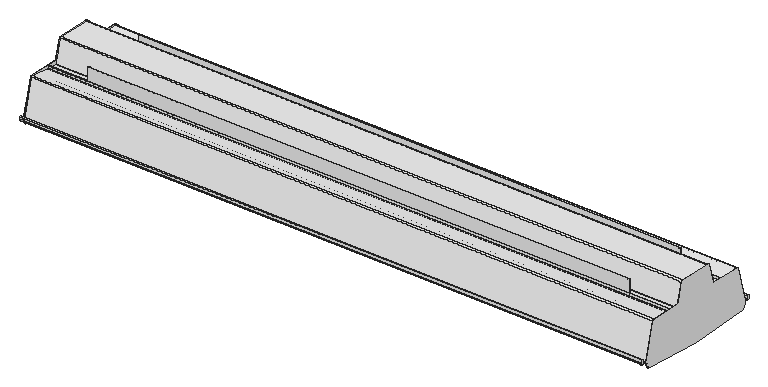
Revit family "LHBD-P77", category Lighting Fixtures, host Ceiling, Revit 2019
Family settings
  Host = Ceiling
  Round Connector Dimension = Use Diameter
  Part Type = Normal
  OmniClass Number = 23.80.70.11.14.11
  OmniClass Title = Downlights
  Always vertical = Yes
  Cut with Voids When Loaded = No
  Light Source = Yes
  Shared = No
  Room Calculation Point = No
Parameters (values of type "LHBD48-LED840K080LUNV-P77")
  Width = 0' - 9 13/16"
  Wattage = 52 W
  built-in parameter 1150110 = 1 (stored number, unit not read)
  Voltage = 120 V  # constant formula
  URL = "https://www.viscor.com/en/products/lhbd"
  built-in parameter 1114217 = 0.9 (stored number, unit not read)
  Tilt Angle = 90.00°
  built-in parameter 1150109 = 1 (stored number, unit not read)
  built-in parameter 1150134 = 12
  built-in parameter 1150113 = 1 (stored number, unit not read)
  Photometric Web File = "LHBD48 -LED840K080LUNV-P77-G001969.IES"
  Model = "LHBD"  # constant formula
  Manufacturer = "VISIONEERING by VISCOR"  # constant formula
  Lumens = 7072 lm
  built-in parameter 1150115 = 1 (stored number, unit not read)
  built-in parameter 1150105 = 562.77 (stored number, unit not read)
  Louver Finish = Metal - Viscor - White Gloss F06
  built-in parameter 1150137 = (empty or 0)
  built-in parameter 1150139 = (empty or 0)
  Lens Finish = Acrylic - Viscor - Frosted, Impact Round Extruded
  Length = 3' - 10 1/16"
  Lamp Wattage = 52 VA
  built-in parameter 1150112 = 1 (stored number, unit not read)
  built-in parameter 1150114 = 1 (stored number, unit not read)
  Lamp = "LED"  # constant formula
  built-in parameter 1150132 = (empty or 0)
  built-in parameter 1150102 = (empty or 0)
  built-in parameter 1150138 = (empty or 0)
  built-in parameter 1150107 = 4000 (stored number, unit not read)
  built-in parameter 1150106 = 5.6277 (stored number, unit not read)
  Housing Finish = Metal - Viscor - White
  Height = 0' - 4 11/16"
  Emit from Rectangle Width = Width  # 0' - 9 13/16"
  Emit from Rectangle Length = Length  # 3' - 10 1/16"
  Emit Shape Visible in Rendering = no
  built-in parameter 1150104 = 12.635 (stored number, unit not read)
  Dimming Lamp Color Temperature Shift = <None>
  Description = "LED Pendant Mount High Bay D"  # constant formula
  Color Filter = 16777215
  built-in parameter 1114218 = 1 (stored number, unit not read)
  built-in parameter 1150133 = 10 (stored number, unit not read)
  Assembly Code = "D5020200"
  Apparent Load = Lamp Wattage  # 52 VA
Types (5): name | Wattage | Photometric Web File | Lumens | built-in parameter 1150105 | Length | Lamp Wattage | built-in parameter 1150106 | Emit from Rectangle Length | built-in parameter 1150104 | Apparent Load
  (no name) | 52 W | "LHBD48 -LED840K080LUNV-P77-G001969.IES" | 7072 lm | 562.77 (stored number, unit not read) | 3' - 10 1/16" | 52 VA | 5.6277 (stored number, unit not read) | 3' - 10 1/16" | 12.635 (stored number, unit not read) | 52 VA
  LHBD48-LED840K080LUNV-P77 | 52 W | "LHBD48 -LED840K080LUNV-P77-G001969.IES" | 7072 lm | 562.77 (stored number, unit not read) | 3' - 10 1/16" | 52 VA | 5.6277 (stored number, unit not read) | 3' - 10 1/16" | 12.635 (stored number, unit not read) | 52 VA
  LHBD48-LED840K120LUNV-P77 | 87 W | "LHBD48-LED840K120LUNV-P77-G001978.IES" | 10962 lm | 872.33 (stored number, unit not read) | 3' - 10 1/16" | 87 VA | 8.7233 (stored number, unit not read) | 3' - 10 1/16" | 11.706 (stored number, unit not read) | 87 VA
  LHBD96-LED840K160LUNV-P77 | 104 W | "LHBD96-LED840K160LUNV-P77.ies" | 14144 lm | 1125.5 (stored number, unit not read) | 7' - 8 1/16" | 104 VA | 11.255 (stored number, unit not read) | 7' - 8 1/16" | 12.635 (stored number, unit not read) | 104 VA
  LHBD96-LED840K240LUNV-P77 | 173 W | "LHBD96-LED840K240LUNV-P77.ies" | 21798 lm | 1734.6 (stored number, unit not read) | 7' - 8 1/16" | 173 VA | 17.346 (stored number, unit not read) | 7' - 8 1/16" | 11.706 (stored number, unit not read) | 173 VA
Reference planes (in)
  plane 1 "Light Source Axis (F/B)": y = 0
  plane 2 "Ceiling": z = 240
  plane 3 "Light Source Axis (L/R)": x = 0
  plane 4 "Light Source Elevation": z = 235.375
  plane 5: x = -23.03125
  plane 6: x = 23.03125
  plane 7: y = 4.90625
  plane 8: y = -4.90625
  plane 9: x = -23.00125
  plane 10: x = 23.00125
  plane 11: x = -20.03125
  plane 12: x = 20.03125
  plane 13: x = -22.48325
  plane 14: x = 22.48325
Forms (in)
  Extrusion 1, solid, material "Metal - Viscor - White" <- "Housing Finish"
    sketch origin (0, 0, 0) x (0, 1, 0) y (0, 0, 1)
      loop
        arc (-4.906, 236.068) -> (-4.88491, 236.01709) -> (-4.834, 235.996) r 0.072
        line (-4.834, 235.996) -> (-4.58671, 235.996)
        arc (-4.58671, 235.996) -> (-4.54265, 236.01106) -> (-4.51702, 236.04993) r 0.072
        line (-4.51702, 236.04993) -> (-3.88336, 238.49342)
        arc (-3.88336, 238.49342) -> (-3.86796, 238.51559) -> (-3.84185, 238.52244) r 0.039
        line (-3.84185, 238.52244) -> (-1.70161, 238.31493)
        arc (-1.70161, 238.31493) -> (-1.6534, 238.32759) -> (-1.62496, 238.36852) r 0.072
        line (-1.62496, 238.36852) -> (-1.22657, 239.90479)
        arc (-1.22657, 239.90479) -> (-1.21269, 239.92584) -> (-1.18882, 239.934) r 0.039
        line (-1.18882, 239.934) -> (1.18882, 239.934)
        arc (1.18882, 239.934) -> (1.21269, 239.92584) -> (1.22657, 239.90479) r 0.039
        line (1.22657, 239.90479) -> (1.62496, 238.36852)
        arc (1.62496, 238.36852) -> (1.6534, 238.32759) -> (1.70161, 238.31493) r 0.072
        line (1.70161, 238.31493) -> (3.84185, 238.52244)
        arc (3.84185, 238.52244) -> (3.86796, 238.51559) -> (3.88336, 238.49342) r 0.039
        line (3.88336, 238.49342) -> (4.51702, 236.04993)
        arc (4.51702, 236.04993) -> (4.54265, 236.01106) -> (4.58671, 235.996) r 0.072
        line (4.58671, 235.996) -> (4.834, 235.996)
        arc (4.834, 235.996) -> (4.88491, 236.01709) -> (4.906, 236.068) r 0.072
        line (4.906, 236.068) -> (4.906, 236.298) -> (4.87475, 236.298) -> (4.87475, 236.068)
        arc (4.87475, 236.068) -> (4.86281, 236.03919) -> (4.834, 236.02725) r 0.04075
        line (4.834, 236.02725) -> (4.58671, 236.02725)
        arc (4.58671, 236.02725) -> (4.56177, 236.03577) -> (4.54727, 236.05777) r 0.04075
        line (4.54727, 236.05777) -> (3.91361, 238.50126)
        arc (3.91361, 238.50126) -> (3.88587, 238.5412) -> (3.83883, 238.55355) r 0.07025
        line (3.83883, 238.55355) -> (1.69859, 238.34604)
        arc (1.69859, 238.34604) -> (1.67131, 238.3532) -> (1.65521, 238.37637) r 0.04075
        line (1.65521, 238.37637) -> (1.25682, 239.91263)
        arc (1.25682, 239.91263) -> (1.23181, 239.95056) -> (1.18882, 239.96525) r 0.07025
        line (1.18882, 239.96525) -> (-1.18882, 239.96525)
        arc (-1.18882, 239.96525) -> (-1.23181, 239.95056) -> (-1.25682, 239.91263) r 0.07025
        line (-1.25682, 239.91263) -> (-1.65521, 238.37637)
        arc (-1.65521, 238.37637) -> (-1.67131, 238.3532) -> (-1.69859, 238.34604) r 0.04075
        line (-1.69859, 238.34604) -> (-3.83883, 238.55355)
        arc (-3.83883, 238.55355) -> (-3.88587, 238.5412) -> (-3.91361, 238.50126) r 0.07025
        line (-3.91361, 238.50126) -> (-4.54727, 236.05777)
        arc (-4.54727, 236.05777) -> (-4.56177, 236.03577) -> (-4.58671, 236.02725) r 0.04075
        line (-4.58671, 236.02725) -> (-4.834, 236.02725)
        arc (-4.834, 236.02725) -> (-4.86281, 236.03919) -> (-4.87475, 236.068) r 0.04075
        line (-4.87475, 236.068) -> (-4.87475, 236.298) -> (-4.906, 236.298) -> (-4.906, 236.068)
    from -23.00125 to 23.00125
  Extrusion 2, solid, material "Metal - Viscor - White" <- "Housing Finish"
    sketch origin (0, 0, 0) x (0, 1, 0) y (0, 0, 1)
      loop
        line (4.52143, 236.17574) -> (3.9025, 238.569) -> (1.608, 238.569) -> (1.57671, 238.69002) -> (1.2465, 239.967) -> (-1.2465, 239.967) -> (-1.57671, 238.69002) -> (-1.608, 238.569) -> (-3.9025, 238.569) -> (-3.93276, 238.45198) -> (-4.52143, 236.17574) -> (-4.5685, 235.99372)
        arc (-4.5685, 235.99372) -> (-4.51625, 235.77119) -> (-4.37042, 235.59517) r 0.5
        arc (-4.37042, 235.59517) -> (0, 235.342) -> (4.37042, 235.59517) r 37.8495
        arc (4.37042, 235.59517) -> (4.51625, 235.77119) -> (4.5685, 235.99372) r 0.5
        line (4.5685, 235.99372) -> (4.52143, 236.17574)
    from -23.03125 to -23.00125
  Extrusion 3, solid, material "Metal - Viscor - White" <- "Housing Finish"
    sketch origin (0, 0, 0) x (0, 1, 0) y (0, 0, -1)
      loop
        line (4.52143, -236.17574) -> (4.5685, -235.99372)
        arc (4.5685, -235.99372) -> (4.51625, -235.77119) -> (4.37042, -235.59517) r 0.5
        arc (4.37042, -235.59517) -> (0, -235.342) -> (-4.37042, -235.59517) r 37.8495
        arc (-4.37042, -235.59517) -> (-4.51625, -235.77119) -> (-4.5685, -235.99372) r 0.5
        line (-4.5685, -235.99372) -> (-4.52143, -236.17574) -> (-3.93276, -238.45198) -> (-3.9025, -238.569) -> (-1.608, -238.569) -> (-1.57671, -238.69002) -> (-1.2465, -239.967) -> (1.2465, -239.967) -> (1.57671, -238.69002) -> (1.608, -238.569) -> (3.9025, -238.569) -> (4.52143, -236.17574)
    from -23.03125 to -23.00125
  Extrusion 4, solid, material "Metal - Viscor - White" <- "Housing Finish"
    sketch origin (0, 0, 0) x (0, 1, 0) y (0, 0, 1)
      loop
        line (2.375, 238.36518) -> (2.375, 238.569) -> (2.34375, 238.569) -> (2.34375, 238.36518)
        arc (2.34375, 238.36518) -> (2.33394, 238.3398) -> (2.30962, 238.3276) r 0.03775
        line (2.30962, 238.3276) -> (0.6235, 238.16525) -> (-0.6235, 238.16525) -> (-2.30962, 238.3276)
        arc (-2.30962, 238.3276) -> (-2.33394, 238.3398) -> (-2.34375, 238.36518) r 0.03775
        line (-2.34375, 238.36518) -> (-2.34375, 238.569) -> (-2.375, 238.569) -> (-2.375, 238.36518)
        arc (-2.375, 238.36518) -> (-2.35708, 238.31879) -> (-2.31261, 238.2965) r 0.069
        line (-2.31261, 238.2965) -> (-0.625, 238.134) -> (0.625, 238.134) -> (2.31261, 238.2965)
        arc (2.31261, 238.2965) -> (2.35708, 238.31879) -> (2.375, 238.36518) r 0.069
    from -23.00125 to 23.00125
  Extrusion 5, solid, material "Metal - Viscor - White" <- "Housing Finish"
    sketch origin (0, 0, 0) x (0, 1, 0) y (0, 0, 1)
      loop
        line (-2.375, 238.569) -> (-2.34375, 238.569) -> (-2.34375, 239.53451) -> (-2.375, 239.53451) -> (-2.375, 238.569)
    from -20.03125 to 20.03125
  Extrusion 6, solid, material "Metal - Viscor - White" <- "Housing Finish"
    sketch origin (0, 0, 0) x (0, -1, 0) y (0, 0, -1)
      loop
        line (-2.375, -238.569) -> (-2.375, -239.53451) -> (-2.34375, -239.53451) -> (-2.34375, -238.569) -> (-2.375, -238.569)
    from -20.03125 to 20.03125
  Extrusion 7, solid, material "Acrylic - Viscor - Frosted, Impact Round Extruded" <- "Lens Finish"
    sketch origin (0, 0, 0) x (0, 1, 0) y (0, 0, 1)
      loop
        line (2.5625, 238.316) -> (2.719, 238.316) -> (2.719, 238.396) -> (2.5625, 238.396)
        arc (2.5625, 238.396) -> (2.50593, 238.37257) -> (2.4825, 238.316) r 0.08
        line (2.4825, 238.316) -> (2.4825, 238.166)
        arc (2.4825, 238.166) -> (2.50593, 238.10943) -> (2.5625, 238.086) r 0.08
        line (2.5625, 238.086) -> (2.60093, 238.086)
        arc (2.60093, 238.086) -> (0, 236.776) -> (-2.60093, 238.086) r 3.237
        line (-2.60093, 238.086) -> (-2.5625, 238.086)
        arc (-2.5625, 238.086) -> (-2.50593, 238.10943) -> (-2.4825, 238.166) r 0.08
        line (-2.4825, 238.166) -> (-2.4825, 238.316)
        arc (-2.4825, 238.316) -> (-2.50593, 238.37257) -> (-2.5625, 238.396) r 0.08
        line (-2.5625, 238.396) -> (-2.719, 238.396) -> (-2.719, 238.316) -> (-2.5625, 238.316) -> (-2.5625, 238.166) -> (-2.67911, 238.166)
        arc (-2.67911, 238.166) -> (-2.71461, 238.14442) -> (-2.71181, 238.10297) r 0.04
        arc (-2.71181, 238.10297) -> (0, 236.69605) -> (2.71181, 238.10297) r 3.31695
        arc (2.71181, 238.10297) -> (2.71461, 238.14442) -> (2.67911, 238.166) r 0.04
        line (2.67911, 238.166) -> (2.5625, 238.166) -> (2.5625, 238.316)
    from -22.48325 to 22.48325
Dimensions and locks (in)
  equal spacing: host sketch curve, plane 3 "Light Source Axis (L/R)", host sketch curve
  equal spacing: host sketch curve, plane 1 "Light Source Axis (F/B)", host sketch curve
  host sketch curve to host sketch curve = 10' - 0"  (x2)
  equal spacing: plane 5, plane 3 "Light Source Axis (L/R)", plane 6
  "Length": plane 5 to plane 6
  equal spacing: plane 7, plane 1 "Light Source Axis (F/B)", plane 8
  "Width": plane 7 to plane 8
  locked: plane 5 to plane 9 at 0.03
  locked: plane 10 to plane 6 at 0.03
  locked: plane 5 to plane 11 at 3
  locked: plane 12 to plane 6 at 3
  locked: plane 5 to plane 13 at 0.548
  locked: plane 14 to plane 6 at 0.548
  aligned and locked: plane 3 "Light Source Axis (L/R)" to imposter light
  aligned and locked: imposter light to plane 1 "Light Source Axis (F/B)"
  aligned and locked: plane 4 "Light Source Elevation" to imposter light
  aligned and locked: Extrusion 1 to plane 9
  aligned and locked: plane 10 to Extrusion 1
  aligned and locked: Extrusion 2 to plane 5
  aligned and locked: plane 9 to Extrusion 2
  aligned and locked: plane 6 to Extrusion 3
  aligned and locked: Extrusion 3 to plane 10
  aligned and locked: Extrusion 4 to plane 9
  aligned and locked: plane 10 to Extrusion 4
  aligned and locked: Extrusion 5 to plane 11
  aligned and locked: plane 12 to Extrusion 5
  aligned and locked: Extrusion 6 to plane 11
  aligned and locked: plane 12 to Extrusion 6
  aligned and locked: Extrusion 7 to plane 13
  aligned and locked: plane 14 to Extrusion 7
Automatic sketch dimensions
  Extrusion 1 sketch curve to Extrusion 1 sketch curve = 0' - 0"  (x20)
  plane 8 to Extrusion 1 sketch curve = 0' - 0.00025"
  Extrusion 1 sketch curve to Extrusion 1 sketch curve = 0' - 0 1/32"
  Extrusion 1 sketch curve to Extrusion 1 sketch curve = 0' - 0.04075"  (x3)
  Extrusion 1 sketch curve to Extrusion 1 sketch curve = 0' - 0.24729"
  Extrusion 1 sketch curve to Extrusion 1 sketch curve = 0' - 0.03945"  (x4)
  Extrusion 1 sketch curve to Extrusion 1 sketch curve = 0' - 0.03025"  (x7)
  plane 8 to Extrusion 1 sketch curve = 0' - 0.99264"
  Extrusion 1 sketch curve to Extrusion 1 sketch curve = 0' - 0.03775"  (x4)
  Extrusion 1 sketch curve to Extrusion 1 sketch curve = 0' - 0.00376"  (x2)
  Extrusion 1 sketch curve to Extrusion 1 sketch curve = 0' - 0.00302"  (x4)
  plane 1 "Light Source Axis (F/B)" to Extrusion 1 sketch curve = 0' - 1.70161"
  Extrusion 1 sketch curve to Extrusion 1 sketch curve = 0' - 0.00393"  (x2)
  Extrusion 1 sketch curve to plane 2 "Ceiling" = 0' - 0.08737"  (x2)
  plane 1 "Light Source Axis (F/B)" to Extrusion 1 sketch curve = 0' - 1.25682"
  Extrusion 1 sketch curve to plane 2 "Ceiling" = 0' - 0.09521"  (x2)
  Extrusion 1 sketch curve to plane 2 "Ceiling" = 0' - 0.066"
  Extrusion 1 sketch curve to plane 1 "Light Source Axis (F/B)" = 0' - 1.18882"
  Extrusion 1 sketch curve to Extrusion 1 sketch curve = 0' - 0.39839"
  Extrusion 1 sketch curve to plane 7 = 0' - 1.06742"
  Extrusion 1 sketch curve to plane 7 = 0' - 0.38923"
  Extrusion 1 sketch curve to plane 7 = 0' - 0.07225"
  Extrusion 1 sketch curve to plane 7 = 0' - 0.0315"
  Extrusion 1 sketch curve to plane 7 = 0' - 0.00025"
  Extrusion 1 sketch curve to plane 2 "Ceiling" = 0' - 1.44645"  (x2)
  Extrusion 1 sketch curve to Extrusion 1 sketch curve = 0' - 0.0311"  (x2)
  Extrusion 1 sketch curve to Extrusion 1 sketch curve = 0' - 0.02118"  (x2)
  Extrusion 1 sketch curve to Extrusion 1 sketch curve = 0' - 1.52604"  (x2)
  Extrusion 1 sketch curve to Extrusion 1 sketch curve = 0' - 0.01023"  (x2)
  Extrusion 1 sketch curve to Extrusion 1 sketch curve = 0' - 0.00784"  (x2)
  Extrusion 1 sketch curve to plane 4 "Light Source Elevation" = 0' - 0.923"  (x2)
  Extrusion 1 sketch curve to Extrusion 1 sketch curve = 0' - 0.23"  (x2)
  Extrusion 2 sketch curve to plane 1 "Light Source Axis (F/B)" = 0' - 0"
  Extrusion 2 sketch curve to plane 2 "Ceiling" = 0' - 0.033"
  plane 1 "Light Source Axis (F/B)" to Extrusion 2 sketch curve = 0' - 1.2465"
  Extrusion 2 sketch curve to Extrusion 2 sketch curve = 0' - 0.33021"  (x2)
  Extrusion 2 sketch curve to Extrusion 2 sketch curve = 0' - 0.03129"  (x2)
  plane 8 to Extrusion 2 sketch curve = 0' - 1.00375"
  Extrusion 2 sketch curve to Extrusion 2 sketch curve = 0' - 0.03026"
  plane 8 to Extrusion 2 sketch curve = 0' - 0.83775"
  plane 8 to Extrusion 2 sketch curve = 0' - 0.38482"
  Extrusion 2 sketch curve to Extrusion 2 sketch curve = 0' - 0.04707"  (x2)
  Extrusion 2 sketch curve to plane 1 "Light Source Axis (F/B)" = 0' - 1.2465"
  Extrusion 2 sketch curve to plane 7 = 0' - 1.00375"
  Extrusion 2 sketch curve to plane 7 = 0' - 0.83775"
  Extrusion 2 sketch curve to plane 7 = 0' - 0.38482"
  Extrusion 2 sketch curve to plane 2 "Ceiling" = 0' - 1.30998"  (x2)
  Extrusion 2 sketch curve to Extrusion 2 sketch curve = 0' - 0.12102"  (x2)
  Extrusion 2 sketch curve to Extrusion 2 sketch curve = 0' - 0.11702"
  Extrusion 2 sketch curve to plane 4 "Light Source Elevation" = 0' - 0.80074"  (x2)
  Extrusion 2 sketch curve to Extrusion 2 sketch curve = 0' - 0.18201"  (x2)
  plane 2 "Ceiling" to Extrusion 2 sketch curve = 2' - 9.1915"
  Extrusion 2 sketch curve to plane 4 "Light Source Elevation" = 0' - 0.22017"
  Extrusion 3 sketch curve to plane 1 "Light Source Axis (F/B)" = 0' - 0"
  Extrusion 3 sketch curve to plane 2 "Ceiling" = 0' - 0.033"
  plane 1 "Light Source Axis (F/B)" to Extrusion 3 sketch curve = 0' - 1.2465"
  Extrusion 3 sketch curve to Extrusion 3 sketch curve = 0' - 0.33021"  (x2)
  Extrusion 3 sketch curve to Extrusion 3 sketch curve = 0' - 0.03129"  (x2)
  plane 8 to Extrusion 3 sketch curve = 0' - 1.00375"
  Extrusion 3 sketch curve to Extrusion 3 sketch curve = 0' - 0.03026"
  plane 8 to Extrusion 3 sketch curve = 0' - 0.83775"
  plane 8 to Extrusion 3 sketch curve = 0' - 0.38482"
  Extrusion 3 sketch curve to Extrusion 3 sketch curve = 0' - 0.04707"  (x2)
  Extrusion 3 sketch curve to plane 1 "Light Source Axis (F/B)" = 0' - 1.2465"
  Extrusion 3 sketch curve to plane 7 = 0' - 1.00375"
  Extrusion 3 sketch curve to plane 7 = 0' - 0.83775"
  Extrusion 3 sketch curve to plane 7 = 0' - 0.38482"
  plane 2 "Ceiling" to Extrusion 3 sketch curve = 2' - 9.1915"
  Extrusion 3 sketch curve to plane 2 "Ceiling" = 0' - 1.30998"  (x2)
  Extrusion 3 sketch curve to plane 2 "Ceiling" = 0' - 1.431"
  Extrusion 3 sketch curve to Extrusion 3 sketch curve = 0' - 0.12102"
  Extrusion 3 sketch curve to Extrusion 3 sketch curve = 0' - 0.11702"
  Extrusion 3 sketch curve to plane 4 "Light Source Elevation" = 0' - 0.80074"  (x2)
  Extrusion 3 sketch curve to Extrusion 3 sketch curve = 0' - 0.18201"  (x2)
  Extrusion 3 sketch curve to plane 4 "Light Source Elevation" = 0' - 0.22017"
  Extrusion 4 sketch curve to Extrusion 4 sketch curve = 0' - 0"  (x4)
  plane 1 "Light Source Axis (F/B)" to Extrusion 4 sketch curve = 0' - 2 3/8"
  Extrusion 4 sketch curve to Extrusion 4 sketch curve = 0' - 0 1/32"  (x3)
  Extrusion 4 sketch curve to Extrusion 4 sketch curve = 0' - 0.03114"
  Extrusion 4 sketch curve to Extrusion 4 sketch curve = 0' - 0.003"  (x2)
  Extrusion 4 sketch curve to Extrusion 4 sketch curve = 0' - 0.00362"  (x2)
  plane 1 "Light Source Axis (F/B)" to Extrusion 4 sketch curve = 0' - 0 5/8"
  Extrusion 4 sketch curve to Extrusion 4 sketch curve = 0' - 0.0015"  (x2)
  Extrusion 4 sketch curve to plane 1 "Light Source Axis (F/B)" = 0' - 0.6235"
  Extrusion 4 sketch curve to Extrusion 4 sketch curve = 0' - 1.6825"
  Extrusion 4 sketch curve to plane 2 "Ceiling" = 0' - 1.7035"
  Extrusion 4 sketch curve to Extrusion 4 sketch curve = 0' - 0.03775"
  Extrusion 4 sketch curve to Extrusion 4 sketch curve = 0' - 0.16235"
  Extrusion 4 sketch curve to Extrusion 4 sketch curve = 0' - 0.13125"
  Extrusion 4 sketch curve to Extrusion 4 sketch curve = 0' - 0.20382"  (x2)
  Extrusion 5 sketch curve to plane 2 "Ceiling" = 0' - 0.46549"
  plane 1 "Light Source Axis (F/B)" to Extrusion 5 sketch curve = 0' - 2 3/8"
  Extrusion 5 sketch curve to Extrusion 5 sketch curve = 0' - 0 1/32"
  Extrusion 5 sketch curve to Extrusion 5 sketch curve = 0' - 0.96551"
  plane 2 "Ceiling" to Extrusion 6 sketch curve = 0' - 0.46549"
  plane 1 "Light Source Axis (F/B)" to Extrusion 6 sketch curve = 0' - 2 3/8"
  Extrusion 6 sketch curve to Extrusion 6 sketch curve = 0' - 0 1/32"
  Extrusion 6 sketch curve to Extrusion 6 sketch curve = 0' - 0.96551"
  Extrusion 7 sketch curve to plane 2 "Ceiling" = 0' - 1.684"
  Extrusion 7 sketch curve to Extrusion 7 sketch curve = 0' - 0.1565"
  Extrusion 7 sketch curve to Extrusion 7 sketch curve = 0' - 0.15"  (x2)
  Extrusion 7 sketch curve to Extrusion 7 sketch curve = 0' - 0.11661"
  Extrusion 7 sketch curve to Extrusion 7 sketch curve = 0' - 0.04"
  Extrusion 7 sketch curve to Extrusion 7 sketch curve = 0' - 0.0327"  (x2)
  Extrusion 7 sketch curve to plane 1 "Light Source Axis (F/B)" = 0' - 0"
  plane 8 to Extrusion 7 sketch curve = 0' - 2.19444"
  Extrusion 7 sketch curve to Extrusion 7 sketch curve = 0' - 0"  (x12)
  Extrusion 7 sketch curve to Extrusion 7 sketch curve = 0' - 0.08"  (x2)
  Extrusion 7 sketch curve to Extrusion 7 sketch curve = 0' - 0.03843"  (x2)
  Extrusion 7 sketch curve to Extrusion 7 sketch curve = 0' - 0.11088"
  Extrusion 7 sketch curve to Extrusion 7 sketch curve = 0' - 0.03989"
Connectors (in)
  electrical at (0, 0, 235.375), driven by "Voltage", driven by "Lamp Wattage"
    settings: index 2, voltage 120 V, apparent load 0 VA, apparent load phase1 52 VA, apparent load phase2 0 VA, apparent load phase3 0 VA, power factor 1, load classification "Other", number of poles 1, system type 31, power factor state 1, is connector primary yes, connector utility no, sub classification motor no, connector description ""
